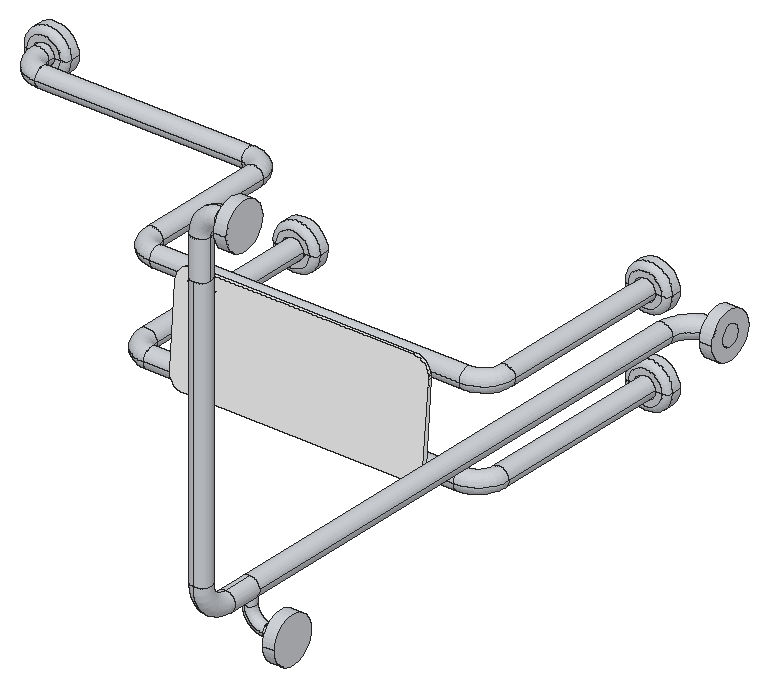
Revit family "AT11-12_SSE-SDE_Toilet RaiL_Set", category Generic Models, Revit 2015
Parameters (values of type "AT11/AT12-SSE")
  URL = "http://www.surecare.com.au"
  Type Comments = ""
  Model = "AT11/AT12 - SSE"
  Manufacturer = "SURECARE"
  Description = "Toilet GrabRail with Back Rest"
  Back Rest Type = Backrest (4 point fixings to wall) : SSE
Types (2, lengths in mm): name | Model | Back Rest Type
  AT11/AT12-SSE | "AT11/AT12 - SSE" | Backrest (4 point fixings to wall) : SSE
  AT11/AT12-SDE | "AT11/AT12 - SDE" | Backrest (4 point fixings to wall) : SDE
Reference planes
  plane 1 "Center (Front/Back)": y = 0
  plane 2: z = 0
  plane 3 "Center (Left/Right)": x = 0
  plane 4: x = -450
  plane 5: x = -160
  plane 6: x = -1150
  plane 7: x = -740
  plane 8: z = 800
Dimensions and locks
  locked: plane 4 to plane 3 "Center (Left/Right)" at 450
  aligned and locked: level to plane 2
  aligned and locked: plane 3 "Center (Left/Right)" to nested 1
  aligned and locked: plane 1 "Center (Front/Back)" to nested 2
  aligned and locked: nested 2 to plane 4
Nested families
  nested 1: "AT9+10_Toilet Rail" at (0, 0, 0), type "AT9+10_Toilet Rail"
  nested 2: "Backrest (4 point fixings to wall)" at (-450, 0, 0), type <- "Back Rest Type", type "SSE"
Definition of nested family "AT9+10_Toilet Rail"
  Parameters
    URL = "http://www.surecare.com.au"
    Rail Radius = 16 mm
    Model = "AT9 / AT10"
    Manufacturer = "SURE CARE"
    Description = "Toilet Grab Rail Side Only with Upturn"
  Reference planes
    plane 1 "Center (Front/Back)": y = 0
    plane 2: z = 0
    plane 3 "Center (Left/Right)": x = 0
    plane 4 "Side Rail Center": x = -71
    plane 5 "Rail Center Height": z = 784
    plane 6 "Side Rail End": y = -1050
    plane 7: z = 1384
    plane 8 "Side Rail Bracket A": y = -950
    plane 9 "Bracket Height": z = 730
    plane 10: z = 800
    plane 11 "Side Rail Start": y = -50
    plane 12: x = -55
  Forms (mm)
    Sweep 1, solid
      path origin (0, 0, 784) x (-1, 0, 0) y (0, -1, 0)
        loop
          line (0, 50) -> (21, 50)
          arc (21, 50) -> (56.355, 64.645) -> (71, 100) r 50
          line (71, 100) -> (71, 950)
      profile origin (-71, -525, 784) x (1, 0, 0) y (0, 0, 1)
        loop
          circle (0, 0) r 16
    Extrusion 2, solid
      sketch origin (0, -50, 25) x (0, 1, 0) y (0, 0, 1)
        loop
          circle (-900, 705) r 37.5
      from 0 to -20
    Sweep 3, solid
      path origin (0, -950, 0) x (-1, 0, 0) y (0, 0, 1)
        loop
          line (71, 784) -> (71, 760)
          arc (71, 760) -> (62.213, 738.787) -> (41, 730) r 30
          line (41, 730) -> (20, 730)
      profile origin (-71, -950, 772) x (0, 1, 0) y (-1, 0, 0)
        loop
          circle (0, 0) r 10
    Extrusion 4, solid
      sketch origin (0, -839.342, 312.297) x (0, 1, 0) y (0, 0, 1)
        loop
          circle (-210.658, 1071.703) r 37.5
      from 0 to -20
    Extrusion 5, solid
      sketch origin (0, 0, 0) x (0, 1, 0) y (0, 0, 1)
        loop
          circle (-50, 784) r 37.5
      from 0 to -20
    Sweep 6, solid
      path origin (-71, 0, 0) x (0, 1, 0) y (0, 0, 1)
        loop
          line (-950, 784) -> (-1000, 784)
          arc (-1000, 784) -> (-1035.355, 798.645) -> (-1050, 834) r 50
          line (-1050, 834) -> (-1050, 1284)
      profile origin (-71, -975, 784) x (0, 0, -1) y (1, 0, 0)
        loop
          circle (0, 0) r 16
    Sweep 7, solid
      path origin (0, -1050, 0) x (0, 0, 1) y (-1, 0, 0)
        loop
          line (1384, 20) -> (1384, 36)
          arc (1384, 36) -> (1373.749, 60.749) -> (1349, 71) r 35
          line (1349, 71) -> (1284, 71)
      profile origin (-28, -1050, 1384) x (0, 0, -1) y (0, -1, 0)
        loop
          circle (0, 0) r 16
  Cuts and joins
    joined: Sweep 1, Sweep 6, Sweep 7
  Dimensions and locks
    plane 5 "Rail Center Height" to level = 784 mm
    plane 8 "Side Rail Bracket A" to plane 1 "Center (Front/Back)" = 950 mm
    plane 9 "Bracket Height" to level = 730 mm
    "Rail Radius": plane 10 to plane 5 "Rail Center Height"
    plane 11 "Side Rail Start" to plane 6 "Side Rail End" = 1000 mm
    "Rail Radius": plane 4 "Side Rail Center" to plane 12
    "Rail Radius": radius of Sweep 1 sketch curve
    radius of Sweep 1 sketch curve = 50 mm
    "Rail Radius": radius of Sweep 6 sketch curve
    "Rail Radius": radius of Sweep 7 sketch curve
    aligned and locked: level to plane 2
    aligned and locked: Sweep 1 sketch curve to plane 4 "Side Rail Center"
    aligned and locked: plane 8 "Side Rail Bracket A" to Extrusion 2 sketch curve
    aligned and locked: plane 9 "Bracket Height" to Extrusion 2 sketch curve
    aligned and locked: Sweep 3 sketch curve to plane 9 "Bracket Height"
    aligned and locked: Sweep 3 sketch curve to plane 4 "Side Rail Center"
    aligned and locked: plane 5 "Rail Center Height" to Sweep 3 sketch curve
    aligned and locked: plane 7 to Extrusion 4 sketch curve
    aligned and locked: plane 6 "Side Rail End" to Extrusion 4 sketch curve
    aligned and locked: Sweep 1 sketch curve to plane 11 "Side Rail Start"
    aligned and locked: plane 3 "Center (Left/Right)" to Sweep 1 sketch curve
    aligned and locked: plane 11 "Side Rail Start" to Extrusion 5 sketch curve
    aligned and locked: plane 5 "Rail Center Height" to Extrusion 5 sketch curve
    aligned and locked: plane 8 "Side Rail Bracket A" to Sweep 6 sketch curve
    aligned and locked: plane 8 "Side Rail Bracket A" to Sweep 1 sketch curve
  Automatic sketch dimensions
    Sweep 1 sketch curve to plane 5 "Rail Center Height" = 0 mm
    profile plane to Sweep 1 sketch curve = 0 mm
    plane 4 "Side Rail Center" to Sweep 3 sketch curve = 30 mm
    Sweep 3 sketch curve to plane 3 "Center (Left/Right)" = 20 mm
    Sweep 3 sketch curve to plane 8 "Side Rail Bracket A" = 0 mm
    Sweep 3 sketch curve to profile plane = 0 mm
    Sweep 6 sketch curve to plane 4 "Side Rail Center" = 0 mm
    Sweep 6 sketch curve to profile plane = 0 mm
    Sweep 7 sketch curve to plane 4 "Side Rail Center" = 0 mm
    Sweep 7 sketch curve to plane 7 = 0 mm
    Sweep 7 sketch curve to plane 7 = 35 mm
    Sweep 7 sketch curve to Sweep 7 sketch curve = 65 mm
    Sweep 7 sketch curve to plane 3 "Center (Left/Right)" = 20 mm
    Sweep 7 sketch curve to plane 6 "Side Rail End" = 0 mm
    Sweep 7 sketch curve to profile plane = 0 mm
    Sweep 6 sketch curve to plane 6 "Side Rail End" = 0 mm
    Sweep 6 sketch curve to plane 5 "Rail Center Height" = 0 mm
    plane 10 to Sweep 6 sketch curve = 34 mm
    Sweep 6 sketch curve to plane 7 = 100 mm
    radius of Extrusion 2 sketch curve = 37.5 mm
    radius of Sweep 3 sketch curve = 10 mm
    radius of Extrusion 4 sketch curve = 37.5 mm
    radius of Extrusion 5 sketch curve = 37.5 mm
Definition of nested family "Backrest (4 point fixings to wall)"
  Parameters
    URL = "http://www.surecare.com.au/"
    Type Comments = "SureStandard Easirest Rail"
    SSE = yes
    SDE = no
    OverallHeight = 800 mm
    Model = "SSE"
    Manufacturer = "SURE CARE"
    Depth = 360 mm
    BackRestWidth = 418 mm
  Reference planes
    plane 1 "BackWall": y = 0
    plane 2: z = 0
    plane 3 "Center (Left/Right)": x = 0
    plane 4 "BottomRail": z = 640
    plane 5 "MainRailTop": z = 800
    plane 6 "Front": y = -360
    plane 7 "SideWall": x = 450
    plane 8 "MainRailCentre(Top/Bottom)": z = 784
    plane 9 "Fixing 1": x = 290
    plane 10 "Fixing 2": x = -290
    plane 11 "Fixing 3": x = -700
    plane 12: y = -71
  Forms (mm)
    Revolve 1, solid
      sketch origin (0, 0, 640) x (0, 1, 0) y (-1, 0, 0)
        loop
          line (0, 327.5) -> (-15, 327.5)
          arc (-15, 327.5) -> (-22.071, 324.571) -> (-25, 317.5) r 10
          line (-25, 317.5) -> (-25, 308) -> (0, 308) -> (0, 327.5)
        axis (0, 290) -> (-25, 290)
      angle from 0 to 360
    Revolve 2, solid
      sketch origin (0, 0, 640) x (0, 1, 0) y (-1, 0, 0)
        loop
          line (0, -252.5) -> (-15, -252.5)
          arc (-15, -252.5) -> (-22.071, -255.429) -> (-25, -262.5) r 10
          line (-25, -262.5) -> (-25, -272) -> (0, -272) -> (0, -252.5)
        axis (0, -290) -> (-25, -290)
      angle from 0 to 360
    Revolve 3, solid
      sketch origin (0, 0, 784) x (0, 1, 0) y (-1, 0, 0)
        loop
          line (0, -252.5) -> (-15, -252.5)
          arc (-15, -252.5) -> (-22.071, -255.429) -> (-25, -262.5) r 10
          line (-25, -262.5) -> (-25, -272) -> (0, -272) -> (0, -252.5)
        axis (0, -290) -> (-25, -290)
      angle from 0 to 360
    Revolve 4, solid
      sketch origin (0, 0, 784) x (0, 1, 0) y (-1, 0, 0)
        loop
          line (0, 737.5) -> (-15, 737.5)
          arc (-15, 737.5) -> (-22.071, 734.571) -> (-25, 727.5) r 10
          line (-25, 727.5) -> (-25, 718) -> (0, 718) -> (0, 737.5)
        axis (0, 700) -> (-25, 700)
      angle from 0 to 360
    Sweep 5, solid
      path origin (0, 0, 640) x (0, 1, 0) y (-1, 0, 0)
        loop
          line (0, 290) -> (-325, 290)
          arc (-325, 290) -> (-349.749, 279.749) -> (-360, 255) r 35
          line (-360, 255) -> (-360, -255)
          arc (-360, -255) -> (-349.749, -279.749) -> (-325, -290) r 35
          line (-325, -290) -> (0, -290)
      profile origin (-290, -162.5, 640) x (1, 0, 0) y (0, 0, 1)
        loop
          circle (0, 0) r 16
    Sweep 6, solid
      path origin (0, 0, 784) x (0, 1, 0) y (-1, 0, 0)
        loop
          line (0, 700) -> (-36, 700)
          arc (-36, 700) -> (-60.749, 689.749) -> (-71, 665) r 35
          line (-71, 665) -> (-71, 325)
          arc (-71, 325) -> (-81.251, 300.251) -> (-106, 290) r 35
          line (-106, 290) -> (-312.402, 290)
          arc (-312.402, 290) -> (-337.15, 279.749) -> (-347.402, 255) r 35
          line (-347.402, 255) -> (-347.402, -255)
          arc (-347.402, -255) -> (-337.15, -279.749) -> (-312.402, -290) r 35
          line (-312.402, -290) -> (0, -290)
      profile origin (-700, -18, 784) x (1, 0, 0) y (0, 0, 1)
        loop
          circle (0, 0) r 16
    Extrusion 7, solid, visible <- "SSE"
      sketch origin (-167.5, -360, 640) x (0, 0.087156, 0.996195) y (1, 0, 0)
        loop
          arc (160.59, 348.859) -> (152.494, 368.404) -> (132.949, 376.5) r 27.641
          line (132.949, 376.5) -> (5.59, 376.5)
          arc (5.59, 376.5) -> (-12.088, 369.178) -> (-19.41, 351.5) r 25
          line (-19.41, 351.5) -> (-19.41, -16.5)
          arc (-19.41, -16.5) -> (-12.088, -34.178) -> (5.59, -41.5) r 25
          line (5.59, -41.5) -> (132.949, -41.5)
          arc (132.949, -41.5) -> (152.494, -33.404) -> (160.59, -13.859) r 27.641
          line (160.59, -13.859) -> (160.59, 348.859)
      from -21 to -16
    Extrusion 8, solid, visible <- "SDE"
      sketch origin (-167.5, -360, 640) x (0, 0.087156, 0.996195) y (1, 0, 0)
        loop
          arc (160.567, 351.949) -> (153.376, 369.309) -> (136.016, 376.5) r 24.551
          line (136.016, 376.5) -> (5.567, 376.5)
          arc (5.567, 376.5) -> (-12.111, 369.178) -> (-19.433, 351.5) r 25
          line (-19.433, 351.5) -> (-19.433, -16.5)
          arc (-19.433, -16.5) -> (-12.111, -34.178) -> (5.567, -41.5) r 25
          line (5.567, -41.5) -> (136.016, -41.5)
          arc (136.016, -41.5) -> (153.376, -34.309) -> (160.567, -16.949) r 24.551
          line (160.567, -16.949) -> (160.567, 351.949)
      from -36 to -16
  Lines and regions (mm)
    reference lines
      curve 1: line (-167.5, -360, 640) -> (-167.5, -347.402, 784)
  Dimensions and locks
    "OverallHeight": plane 5 "MainRailTop" to level
    "Depth": plane 1 "BackWall" to plane 6 "Front"
    locked: Revolve 1 sketch curve to plane 1 "BackWall" at 15
    locked: Revolve 2 sketch curve to Revolve 2 sketch curve at 18
    locked: Revolve 2 sketch curve to Revolve 2 sketch curve at 37.5
    locked: Revolve 2 sketch curve to plane 1 "BackWall" at 15
    locked: Revolve 2 sketch curve to plane 1 "BackWall" at 25
    locked: plane 3 "Center (Left/Right)" to plane 7 "SideWall" at 450
    plane 5 "MainRailTop" to level = 800 mm
    locked: plane 5 "MainRailTop" to plane 8 "MainRailCentre(Top/Bottom)" at 16
    locked: plane 9 "Fixing 1" to plane 7 "SideWall" at 160
    locked: plane 10 "Fixing 2" to plane 9 "Fixing 1" at 580
    locked: plane 11 "Fixing 3" to plane 10 "Fixing 2" at 410
    plane 4 "BottomRail" to level = 640 mm
    locked: Revolve 3 sketch curve to Revolve 3 sketch curve at 18
    locked: Revolve 3 sketch curve to Revolve 3 sketch curve at 37.5
    locked: Revolve 4 sketch curve to Revolve 4 sketch curve at 18
    locked: Revolve 4 sketch curve to Revolve 4 sketch curve at 37.5
    plane 12 to plane 1 "BackWall" = 71 mm
    "BackRestWidth": Extrusion 8 sketch curve to Extrusion 8 sketch curve
    "BackRestWidth": Extrusion 7 sketch curve to Extrusion 7 sketch curve
    equal spacing: Extrusion 8 sketch curve, plane 3 "Center (Left/Right)", Extrusion 8 sketch curve
    locked: Extrusion 8 sketch curve to Extrusion 8 sketch curve at 180
    locked: Extrusion 7 sketch curve to Extrusion 7 sketch curve at 180
    plane 6 "Front" to plane 1 "BackWall" = 360 mm
    radius of Sweep 6 sketch curve = 35 mm  (x2)
    angle plane 4 "BottomRail" to curve 1 = 95.00°
    aligned and locked: level to plane 2
    aligned and locked: Revolve 2 sketch curve to plane 9 "Fixing 1"
    aligned and locked: Revolve 1 sketch curve to plane 10 "Fixing 2"
    aligned and locked: Revolve 3 sketch curve to plane 9 "Fixing 1"
    aligned and locked: Revolve 4 sketch curve to plane 11 "Fixing 3"
    aligned and locked: Sweep 5 sketch curve to plane 10 "Fixing 2"
    aligned and locked: Sweep 5 sketch curve to plane 9 "Fixing 1"
    aligned and locked: Sweep 6 sketch curve to plane 11 "Fixing 3"
    aligned and locked: Sweep 6 sketch curve to plane 9 "Fixing 1"
  Automatic sketch dimensions
    plane 1 "BackWall" to Revolve 1 sketch curve = 0 mm  (x2)
    Revolve 1 sketch curve to Revolve 1 sketch curve = 10 mm
    plane 6 "Front" to Revolve 1 sketch curve = 369.429 mm
    Revolve 1 sketch curve to Revolve 1 sketch curve = 18 mm
    Revolve 1 sketch curve to Revolve 1 sketch curve = 9.5 mm
    plane 1 "BackWall" to Revolve 2 sketch curve = 0 mm  (x2)
    plane 6 "Front" to Revolve 2 sketch curve = 369.429 mm
    plane 1 "BackWall" to Revolve 3 sketch curve = 0 mm  (x2)
    plane 1 "BackWall" to Revolve 3 sketch curve = 15 mm
    Revolve 3 sketch curve to Revolve 3 sketch curve = 10 mm
    plane 6 "Front" to Revolve 3 sketch curve = 369.429 mm
    plane 1 "BackWall" to Revolve 4 sketch curve = 0 mm  (x2)
    Revolve 4 sketch curve to Revolve 4 sketch curve = 15 mm
    Revolve 4 sketch curve to Revolve 4 sketch curve = 10 mm
    plane 6 "Front" to Revolve 4 sketch curve = 369.429 mm
    level to Sweep 5 sketch curve = 640 mm
    profile plane to Sweep 5 sketch curve = 0 mm
    plane 6 "Front" to Sweep 5 sketch curve = 0 mm
    plane 1 "BackWall" to Sweep 5 sketch curve = 0 mm  (x2)
    Sweep 5 sketch curve to plane 6 "Front" = 35 mm  (x2)
    curve 1 to plane 6 "Front" = 0 mm
    Sweep 6 sketch curve to plane 10 "Fixing 2" = 0 mm
    Sweep 6 sketch curve to plane 12 = 0 mm
    plane 1 "BackWall" to Sweep 6 sketch curve = 0 mm  (x2)
    Sweep 6 sketch curve to plane 10 "Fixing 2" = 35 mm
    plane 12 to Sweep 6 sketch curve = 35 mm
    Sweep 6 sketch curve to plane 8 "MainRailCentre(Top/Bottom)" = 0 mm
    profile plane to Sweep 6 sketch curve = 0 mm
    Sweep 6 sketch curve to plane 6 "Front" = 12.598 mm
    curve 1 to plane 4 "BottomRail" = 0 mm
    Extrusion 8 sketch curve to Extrusion 8 sketch curve = 25 mm
    Extrusion 8 sketch curve to curve 1 = 8.534 mm  (x2)
    curve 1 to Extrusion 8 sketch curve = 16.017 mm
    curve 1 to Extrusion 8 sketch curve = 5.567 mm
    curve 1 to Extrusion 7 sketch curve = 5.59 mm  (x2)
    Extrusion 7 sketch curve to curve 1 = 11.601 mm  (x2)
    curve 1 to Extrusion 7 sketch curve = 16.04 mm
    curve 1 to Extrusion 7 sketch curve = 16.5 mm
    radius of Sweep 5 sketch curve = 16 mm
    radius of Sweep 6 sketch curve = 16 mm
